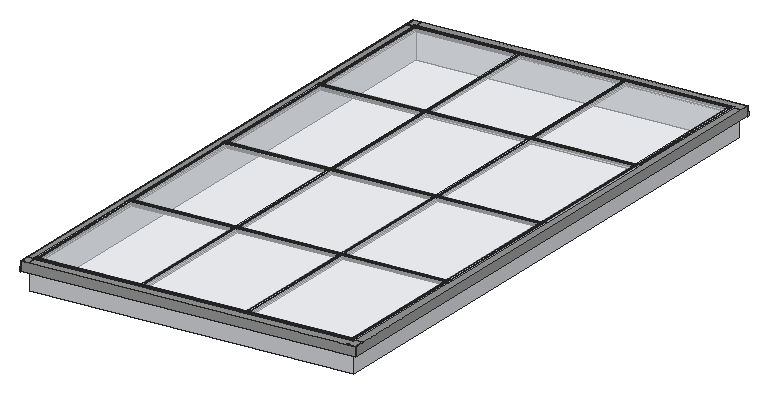
Revit family "Pultdach_oG_geneigtesDach", category Windows, host Roof, Revit 2019
Family settings
  Host = Roof
  Always vertical = Yes
  Cut with Voids When Loaded = Yes
  Shared = No
  Room Calculation Point = No
Parameters
  segment quantity = roundup((inner length + 70 mm) / rd)  # 4
  segment distance = (inner length + 70 mm) / segment quantity  # 1892.5 mm
  roof inclination [instance] = 7.00°
  rd2 = max rafter distance : 1,5 m
  rd1 = max rafter distance : 1,0 m
  rd = if(max. rafter distance = rd1, 1070 mm, if(max. rafter distance = rd2, 1570 mm, 2070 mm))  # 2070 mm
  max. rafter distance = max rafter distance : 2,0 m
  length wether sheet = -(inner length + 96 mm + 86 mm)  # -7682 mm
  frame height = 400 mm
  inner length = 7500 mm
  inner width = 5000 mm
  external width = inner width + 2 mm * 96  # 5192 mm
  end wether sheet = length wether sheet + 2 mm  # -7680 mm
  construction height [instance] = tan(roof inclination) * external width + frame height  # 1037.497 mm
  begin wether sheet = -(inner length + 47 mm)  # -7547 mm
  URL = "https://www.lamilux.com/daylight-systems/products/glass-roof/glass-roof-pr60.html"
  Product data url = "https://www.bimobject.com/en/lamilux/product/lamilux_pr60"
  Product Guid = ""
  Model = "Glasdach PR60"
  Height = frame height  # 400 mm
  Homepage [instance] = "https://www.lamilux.com/daylight-systems/products/glass-roof/glass-roof-pr60.html"
  Manufacturer = "LAMILUX Heinricht Strunz GmbH"
  Glazing Material = Glas
  Frame Material = Aluminium (1)
  Width = inner width  # 5000 mm
  Edition number = 1
  Assembly Code = "B3020110"
  Analytic Construction = "<Keine Auswahl>"
  - inner length = -inner length  # -7500 mm
  - external lenght = -(inner length + 2 mm * 96)  # -7692 mm
Reference planes
  plane 1 "Mitte (Vorne/hinten)": y = 0
  plane 2 "Dach": z = 4000
  plane 3 "Mitte (Links/rechts)": x = 0
  plane 4: y = 7500
  plane 5: x = 96
  plane 6: x = 5096
Forms (mm)
  Extrusion 1, solid
    sketch origin (0, 0, 4000) x (1, 0, 0) y (0, 1, 0)
      loop
        line (96, 7500) -> (96, 0) -> (5096, 0) -> (5096, 7500) -> (96, 7500)
      loop
        line (0, 7596) -> (0, -96) -> (5192, -96) -> (5192, 7596) -> (0, 7596)
    from 152.4 to 1189.897
  Extrusion 2, void
    sketch origin (0, 0, 4000) x (1, 0, 0) y (0, 1, 0)
      loop
        line (96, 7500) -> (96, 0) -> (5096, 0) -> (5096, 7500) -> (96, 7500)
    from -947.626 to 1189.897
  Extrusion 3, void
    sketch origin (0, 0, 0) x (1, 0, 0) y (0, 0, 1)
      loop
        line (5192, 4152.4) -> (5192, 4789.897) -> (0, 4152.4) -> (5192, 4152.4)
    from -7692 <- "- external lenght" to 96
  Extrusion 4, void
    sketch origin (0, 0, 0) x (1, 0, 0) y (0, 0, 1)
      loop
        line (5192, 5189.897) -> (0, 5189.897) -> (0, 4552.4) -> (5192, 5189.897)
    from 96 to -7692 <- "- external lenght"
  Extrusion 5, solid, material "Aluminium (1)" <- "Frame Material"
    sketch origin (0, 0, 0) x (1, 0, 0) y (0, 0, 1)
      loop
        line (-89, 4437.863) -> (-87, 4437.863) -> (-87, 4586.048) -> (42.863, 4601.993) -> (42.62, 4603.978) -> (-89, 4587.818) -> (-89, 4437.863)
    from -7682 <- "length wether sheet" to 182
  Extrusion 6, solid, material "Aluminium (1)" <- "Frame Material"
    sketch origin (0, 0, 0) x (1, 0, 0) y (0, 0, 1)
      loop
        line (5281, 5096.097) -> (5281, 5247.171) -> (5140.013, 5229.86) -> (5140.257, 5227.875) -> (5279, 5244.91) -> (5279, 5096.097) -> (5281, 5096.097)
    from -7682 <- "length wether sheet" to 182
  Extrusion 7, solid, material "Aluminium (1)" <- "Frame Material"
    sketch origin (0, 0, 0) x (1, 0, 0) y (0, 0, 1)
      loop
        line (-89, 4587.818) -> (-89, 4585.803) -> (5281, 5245.156) -> (5281, 5247.171) -> (-89, 4587.818)
    from 182 to 47
  Extrusion 8, solid, material "Aluminium (1)" <- "Frame Material"
    sketch origin (0, 0, 0) x (1, 0, 0) y (0, 0, 1)
      loop
        line (-89, 4587.818) -> (-89, 4437.831) -> (5281, 5096.137) -> (5281, 5247.171) -> (-89, 4587.818)
    from 180 to 182
  Extrusion 9, solid, material "Aluminium (1)" <- "Frame Material"
    sketch origin (0, 0, 0) x (1, 0, 0) y (0, 0, 1)
      loop
        line (5281, 5247.171) -> (-89, 4587.818) -> (-89, 4585.803) -> (5281, 5245.156) -> (5281, 5247.171)
    from -7682 <- "length wether sheet" to -7547 <- "begin wether sheet"
  Extrusion 10, solid, material "Aluminium (1)" <- "Frame Material"
    sketch origin (0, 0, 0) x (1, 0, 0) y (0, 0, 1)
      loop
        line (5281, 5247.171) -> (-89, 4587.818) -> (-89, 4437.831) -> (5281, 5096.137) -> (5281, 5247.171)
    from -7680 <- "end wether sheet" to -7682 <- "length wether sheet"
Cuts and joins
  Extrusion 2, Extrusion 3, Extrusion 4 cuts Extrusion 1
  joined: Extrusion 7, Extrusion 8
  joined: Extrusion 9, Extrusion 10
Dimensions and locks
  equal spacing: host sketch curve, plane 3 "Mitte (Links/rechts)", host sketch curve
  equal spacing: host sketch curve, plane 1 "Mitte (Vorne/hinten)", host sketch curve
  "inner length": plane 1 "Mitte (Vorne/hinten)" to plane 4
  locked: plane 5 to plane 3 "Mitte (Links/rechts)" at 96
  "inner width": plane 5 to plane 6
  "construction height": Extrusion 1 to host roof
  locked: Extrusion 5 sketch curve to cut or joined group of Extrusion 1, Extrusion 2, Extrusion 3, Extrusion 4 at 46
  locked: Extrusion 6 sketch curve to cut or joined group of Extrusion 1, Extrusion 2, Extrusion 3, Extrusion 4 at 46
  locked: Extrusion 7 sketch curve to cut or joined group of Extrusion 1, Extrusion 2, Extrusion 3, Extrusion 4 at 46
  locked: Extrusion 5 sketch curve to Extrusion 5 sketch curve at 2
  locked: Extrusion 7 sketch curve to Extrusion 7 sketch curve at 2
  locked: Extrusion 9 sketch curve to Extrusion 9 sketch curve at 2
  locked: cut or joined group of Extrusion 1, Extrusion 2, Extrusion 3, Extrusion 4 to Extrusion 9 sketch curve at 46
  "roof inclination": angle Extrusion 3 sketch curve to Extrusion 3 sketch curve
  "roof inclination": angle Extrusion 4 sketch curve to Extrusion 4 sketch curve
  aligned and locked: level to plane 2 "Dach"
  aligned and locked: Extrusion 1 sketch curve to plane 5
  aligned and locked: Extrusion 1 sketch curve to plane 1 "Mitte (Vorne/hinten)"
  aligned and locked: Extrusion 1 sketch curve to plane 6
  aligned and locked: Extrusion 1 sketch curve to plane 4
  aligned and locked: Extrusion 1 to host roof
  aligned and locked: Extrusion 2 sketch curve to plane 4
  aligned and locked: Extrusion 2 sketch curve to plane 5
  aligned and locked: Extrusion 2 sketch curve to plane 6
  aligned and locked: Extrusion 2 sketch curve to plane 1 "Mitte (Vorne/hinten)"
  aligned and locked: Extrusion 1 to Extrusion 2
  aligned and locked: Extrusion 3 sketch curve to cut or joined group of Extrusion 1, Extrusion 2, Extrusion 3, Extrusion 4  (x2)
  aligned and locked: cut or joined group of Extrusion 1, Extrusion 2, Extrusion 3, Extrusion 4 to Extrusion 3 sketch curve
  aligned and locked: cut or joined group of Extrusion 1, Extrusion 2, Extrusion 3, Extrusion 4 to Extrusion 4 sketch curve  (x2)
  aligned and locked: Extrusion 4 sketch curve to plane 3 "Mitte (Links/rechts)"
  aligned and locked: cut or joined group of Extrusion 1, Extrusion 2, Extrusion 3, Extrusion 4 to nested 1
  aligned and locked: Extrusion 6 to Extrusion 7 sketch curve
  aligned and locked: Extrusion 6 sketch curve to Extrusion 5
  aligned and locked: Extrusion 8 sketch curve to Extrusion 5
  aligned and locked: Extrusion 6 to Extrusion 8 sketch curve
  aligned and locked: Extrusion 10 sketch curve to Extrusion 9
  aligned and locked: Extrusion 10 sketch curve to Extrusion 8
Automatic sketch dimensions
  Extrusion 1 sketch curve to plane 6 = 96 mm
  plane 1 "Mitte (Vorne/hinten)" to Extrusion 1 sketch curve = 96 mm
  plane 4 to Extrusion 1 sketch curve = 96 mm
  plane 5 to Extrusion 1 sketch curve = 96 mm
  Extrusion 5 sketch curve to plane 3 "Mitte (Links/rechts)" = 89 mm
  Extrusion 5 sketch curve to Extrusion 5 sketch curve = 2 mm
  plane 3 "Mitte (Links/rechts)" to Extrusion 5 sketch curve = 42.62 mm
  Extrusion 5 sketch curve to Extrusion 5 sketch curve = 148.185 mm
  Extrusion 6 sketch curve to plane 6 = 183 mm
  Extrusion 6 sketch curve to Extrusion 6 sketch curve = 2 mm
  Extrusion 6 sketch curve to Extrusion 6 sketch curve = 148.813 mm
  Extrusion 6 sketch curve to plane 6 = 44.257 mm
  Extrusion 7 sketch curve to plane 3 "Mitte (Links/rechts)" = 89 mm
  Extrusion 8 sketch curve to Extrusion 8 sketch curve = 151.034 mm
  Extrusion 8 sketch curve to plane 3 "Mitte (Links/rechts)" = 89 mm
  Extrusion 8 sketch curve to Extrusion 8 sketch curve = 149.986 mm
  Extrusion 9 sketch curve to plane 3 "Mitte (Links/rechts)" = 89 mm
  Extrusion 9 sketch curve to plane 6 = 185 mm
  Extrusion 10 sketch curve to plane 3 "Mitte (Links/rechts)" = 89 mm
  Extrusion 10 sketch curve to Extrusion 10 sketch curve = 151.034 mm
Nested families
  nested 1: "VerglFlaeche" at (5096.35, 0, 5178.153) x (-0.9925, 0, -0.1219) z (-0.1219, 0, 0.9925), type "Pfosten_Riegel_Kombi"
    with roof inclination 7.00°
Definition of nested family "VerglFlaeche"
  Parameters (values of type "VerglFlaeche")
    segment quantity = 4
    segment distance = 1892.5 mm
    roof inclination = 5.00°
    rd = 2070 mm
    inner width = 5000 mm
    inner length = 3500 mm
    Default Elevation = 1219.2 mm
  Reference planes
    plane 1 "Mitte (Vorne/hinten)": y = 0
    plane 2: z = 0
    plane 3 "Mitte (Links/rechts)": x = 0
    plane 4: y = -857.502
    plane 5: y = -2750.002
    plane 6: y = -4642.502
    plane 7: y = -6535.002
  Dimensions and locks
    locked: plane 1 "Mitte (Vorne/hinten)" to nested 1 at 5
    equal spacing: group 1, group 2, group 3, group 4  (x2)
    equal spacing: group 4, group 3, group 2, group 1
    "segment distance": plane 5 to plane 4
    aligned and locked: level to plane 2
  Nested families
    nested 1: "Einzelfeld" at (0, -1822.5, 0) x (-1, 0, 0) z (0, 0, 1), type "Glaskonstruktion_Test"
    nested 2: "Einzelfeld" at (0, -3715, 0) x (-1, 0, 0) z (0, 0, 1), type "Glaskonstruktion_Test"
    nested 3: "Einzelfeld" at (0, -5607.5, 0) x (-1, 0, 0) z (0, 0, 1), type "Glaskonstruktion_Test"
    nested 4: "Einzelfeld" at (0, -7500, 0) x (-1, 0, 0) z (0, 0, 1), type "Glaskonstruktion_Test"
  Definition of nested family "Einzelfeld"
    Parameters (values of type "Einzelfeld")
      segment quantity = 6
      roof inclination = 5.00°
      rd = 2070 mm
      rafter length = -(construction width + 65 mm)  # -5084.099 mm
      rafter distance = 1892.5 mm
      mullion quantity = roundup((construction width + 70 mm) / md) + 1  # 4
      mullion lenght = -(rafter distance - 90 mm)  # -1802.5 mm
      mullion distance = (construction width + 70 mm) / (mullion quantity - 1)  # 1696.366 mm
      md = if(rd = 1070 mm, 3070 mm, if(rd = 1570 mm, 2570 mm, 2070 mm))  # 2070 mm
      inner width = 5000 mm
      construction width = inner width / cos(roof inclination)  # 5019.099 mm
      Default Elevation = 1219.2 mm
    Reference planes
      plane 1 "Mitte (Vorne/hinten)": y = 0
      plane 2: z = 0
      plane 3 "Mitte (Links/rechts)": x = 0
      plane 4: x = -5019.099
      plane 5: y = 34.998
      plane 6 "Riegel": y = -10
      plane 7: x = 35
      plane 8: x = -35
      plane 9: y = -1857.502
      plane 10: x = -1661.366
      plane 11: x = -3357.733
      plane 12: x = -5054.099
    Forms (mm)
      Extrusion 1, solid
        sketch origin (0, 70, 0) x (0, 1, 0) y (0, 0, 1)
          loop
            line (-65, 0) -> (-5, 0) -> (-5, 16) -> (-21, 16) -> (-21, 46) -> (-5, 46) -> (-5, 52) -> (-19.489, 55.882) -> (-19.489, 57.882) -> (-23.492, 57.882) -> (-23.492, 56.882) -> (-46.511, 56.882) -> (-46.511, 57.882) -> (-50.511, 57.882) -> (-50.511, 55.882) -> (-65, 52) -> (-65, 46) -> (-49, 46) -> (-49, 16) -> (-65, 16) -> (-65, 0)
        from 65 to -5084.099 <- "rafter length"
      Extrusion 2, solid
        sketch origin (70, -10, 0) x (-1, 0, 0) y (0, 0, 1)
          loop
            line (65, 0) -> (65, 16) -> (49, 16) -> (49, 46) -> (65, 46) -> (65, 52) -> (50.511, 55.882) -> (50.511, 57.698) -> (46.511, 57.698) -> (46.511, 56.698) -> (23.489, 56.698) -> (23.489, 57.882) -> (19.489, 57.882) -> (19.489, 55.882) -> (5, 52) -> (5, 46) -> (21, 46) -> (21, 16) -> (5, 16) -> (5, 0) -> (65, 0)
        from 0 to -1802.5 <- "mullion lenght"
      Extrusion 3, solid, not visible
        sketch origin (0, -10, 0) x (-1, 0, 0) y (0, 0, 1)
          loop
            line (65, 0) -> (65, 16) -> (49, 16) -> (49, 46) -> (65, 46) -> (65, 52) -> (50.511, 55.882) -> (50.511, 57.698) -> (46.511, 57.698) -> (46.511, 56.698) -> (23.489, 56.698) -> (23.489, 57.882) -> (19.489, 57.882) -> (19.489, 55.882) -> (5, 52) -> (5, 46) -> (21, 46) -> (21, 16) -> (5, 16) -> (5, 0) -> (65, 0)
        from 0 to -1802.5 <- "mullion lenght"
      Extrusion 4, solid
        sketch origin (0, -1822.5, 0) x (0, 1, 0) y (0, 0, 1)
          loop
            line (-65, 0) -> (-5, 0) -> (-5, 16) -> (-21, 16) -> (-21, 46) -> (-5, 46) -> (-5, 52) -> (-19.489, 55.882) -> (-19.489, 57.882) -> (-23.492, 57.882) -> (-23.492, 56.882) -> (-46.511, 56.882) -> (-46.511, 57.882) -> (-50.511, 57.882) -> (-50.511, 55.882) -> (-65, 52) -> (-65, 46) -> (-49, 46) -> (-49, 16) -> (-65, 16) -> (-65, 0)
        from 65 to -5084.099 <- "rafter length"
      Extrusion 5, solid
        sketch origin (-1626.366, -10, 0) x (-1, 0, 0) y (0, 0, 1)
          loop
            line (65, 0) -> (65, 16) -> (49, 16) -> (49, 46) -> (65, 46) -> (65, 52) -> (50.511, 55.882) -> (50.511, 57.698) -> (46.511, 57.698) -> (46.511, 56.698) -> (23.489, 56.698) -> (23.489, 57.882) -> (19.489, 57.882) -> (19.489, 55.882) -> (5, 52) -> (5, 46) -> (21, 46) -> (21, 16) -> (5, 16) -> (5, 0) -> (65, 0)
        from 0 to -1802.5 <- "mullion lenght"
      Extrusion 6, solid
        sketch origin (-3322.733, -10, 0) x (-1, 0, 0) y (0, 0, 1)
          loop
            line (65, 0) -> (65, 16) -> (49, 16) -> (49, 46) -> (65, 46) -> (65, 52) -> (50.511, 55.882) -> (50.511, 57.698) -> (46.511, 57.698) -> (46.511, 56.698) -> (23.489, 56.698) -> (23.489, 57.882) -> (19.489, 57.882) -> (19.489, 55.882) -> (5, 52) -> (5, 46) -> (21, 46) -> (21, 16) -> (5, 16) -> (5, 0) -> (65, 0)
        from 0 to -1802.5 <- "mullion lenght"
      Extrusion 7, solid, not visible
        sketch origin (0, -10, 0) x (-1, 0, 0) y (0, 0, 1)
          loop
            line (0, 0) -> (-5, 0) -> (-5, -57.15) -> (0, 0)
        from 0 to 10
      Extrusion 8, solid
        sketch origin (0, 0, 0) x (1, 0, 0) y (0, 1, 0)
          loop
            line (-5038.099, 18.998) -> (-5038.099, -1841.502) -> (19, -1841.502) -> (19, 18.998) -> (-5038.099, 18.998)
        from 16 to 46
      Extrusion 9, solid
        sketch origin (-5019.099, -10, 0) x (-1, 0, 0) y (0, 0, 1)
          loop
            line (65, 0) -> (65, 16) -> (49, 16) -> (49, 46) -> (65, 46) -> (65, 52) -> (50.511, 55.882) -> (50.511, 57.698) -> (46.511, 57.698) -> (46.511, 56.698) -> (23.489, 56.698) -> (23.489, 57.882) -> (19.489, 57.882) -> (19.489, 55.882) -> (5, 52) -> (5, 46) -> (21, 46) -> (21, 16) -> (5, 16) -> (5, 0) -> (65, 0)
        from 0 to -1802.5 <- "mullion lenght"
    Dimensions and locks
      group 2 to group 3 = 0 mm  (x2)
      group 3 to group 2 = 1892.5 mm
      "rafter distance": plane 9 to plane 5
      locked: plane 6 "Riegel" to plane 1 "Mitte (Vorne/hinten)" at 10
      equal spacing: group 7, group 6, group 5, group 4
      equal spacing: group 4, group 5, group 6, group 7  (x2)
      "construction width": plane 4 to plane 3 "Mitte (Links/rechts)"
      locked: plane 7 to plane 3 "Mitte (Links/rechts)" at 35
      "mullion distance": plane 7 to plane 10
      Extrusion 8 sketch curve to plane 9 = 16 mm
      Extrusion 8 sketch curve to plane 11 = 1680.366 mm
      Extrusion 8 sketch curve to plane 5 = 16 mm
      Extrusion 8 sketch curve to plane 7 = 16 mm
      locked: Extrusion 8 sketch curve to plane 4 at 19
      "roof inclination": angle Extrusion 7 sketch curve to plane 3 "Mitte (Links/rechts)"
      aligned and locked: level to plane 2
      aligned and locked: Extrusion 7 sketch curve to Extrusion 1
      aligned and locked: plane 3 "Mitte (Links/rechts)" to Extrusion 7 sketch curve
      aligned and locked: Extrusion 7 sketch curve to Extrusion 2
    Automatic sketch dimensions
      Extrusion 1 sketch curve to Extrusion 1 sketch curve = 0 mm  (x2)
      Extrusion 1 sketch curve to Extrusion 1 sketch curve = 14.489 mm
      Extrusion 1 sketch curve to Extrusion 1 sketch curve = 1.511 mm
      Extrusion 1 sketch curve to Extrusion 1 sketch curve = 4 mm
      Extrusion 1 sketch curve to Extrusion 1 sketch curve = 23.019 mm
      Extrusion 1 sketch curve to Extrusion 1 sketch curve = 4.003 mm
      Extrusion 1 sketch curve to Extrusion 1 sketch curve = 30 mm
      Extrusion 1 sketch curve to Extrusion 1 sketch curve = 6 mm  (x2)
      Extrusion 1 sketch curve to Extrusion 1 sketch curve = 9.882 mm  (x2)
      Extrusion 1 sketch curve to Extrusion 1 sketch curve = 2 mm  (x2)
      Extrusion 1 sketch curve to Extrusion 1 sketch curve = 1 mm
      Extrusion 1 sketch curve to plane 5 = 29.998 mm
      plane 5 to Extrusion 1 sketch curve = 14.002 mm
      Extrusion 1 sketch curve to Extrusion 1 sketch curve = 16 mm  (x4)
      Extrusion 4 sketch curve to Extrusion 4 sketch curve = 0 mm  (x2)
      Extrusion 4 sketch curve to Extrusion 4 sketch curve = 14.489 mm
      Extrusion 4 sketch curve to Extrusion 4 sketch curve = 1.511 mm
      Extrusion 4 sketch curve to Extrusion 4 sketch curve = 4 mm
      Extrusion 4 sketch curve to Extrusion 4 sketch curve = 23.019 mm
      Extrusion 4 sketch curve to Extrusion 4 sketch curve = 4.003 mm
      Extrusion 4 sketch curve to Extrusion 4 sketch curve = 30 mm
      Extrusion 4 sketch curve to Extrusion 4 sketch curve = 6 mm  (x2)
      Extrusion 4 sketch curve to Extrusion 4 sketch curve = 9.882 mm  (x2)
      Extrusion 4 sketch curve to Extrusion 4 sketch curve = 2 mm  (x2)
      Extrusion 4 sketch curve to Extrusion 4 sketch curve = 1 mm
      Extrusion 4 sketch curve to plane 9 = 29.998 mm
      plane 9 to Extrusion 4 sketch curve = 14.002 mm
      Extrusion 4 sketch curve to Extrusion 4 sketch curve = 16 mm  (x4)
      plane 7 to Extrusion 2 sketch curve = 30 mm
      Extrusion 2 sketch curve to Extrusion 2 sketch curve = 0 mm
      Extrusion 2 sketch curve to Extrusion 2 sketch curve = 14.489 mm
      Extrusion 2 sketch curve to Extrusion 2 sketch curve = 1.511 mm
      Extrusion 2 sketch curve to Extrusion 2 sketch curve = 4 mm  (x2)
      Extrusion 2 sketch curve to plane 7 = 11.511 mm
      Extrusion 2 sketch curve to Extrusion 2 sketch curve = 2.489 mm
      Extrusion 2 sketch curve to Extrusion 2 sketch curve = 16 mm  (x4)
      Extrusion 2 sketch curve to Extrusion 2 sketch curve = 30 mm  (x2)
      Extrusion 2 sketch curve to Extrusion 2 sketch curve = 6 mm  (x2)
      Extrusion 2 sketch curve to Extrusion 2 sketch curve = 9.882 mm  (x2)
      Extrusion 2 sketch curve to Extrusion 2 sketch curve = 0.816 mm
      Extrusion 2 sketch curve to Extrusion 2 sketch curve = 1.816 mm
      Extrusion 2 sketch curve to Extrusion 2 sketch curve = 2 mm
      plane 8 to Extrusion 3 sketch curve = 30 mm
      Extrusion 3 sketch curve to Extrusion 3 sketch curve = 0 mm
      Extrusion 3 sketch curve to Extrusion 3 sketch curve = 14.489 mm
      Extrusion 3 sketch curve to Extrusion 3 sketch curve = 1.511 mm
      Extrusion 3 sketch curve to Extrusion 3 sketch curve = 4 mm  (x2)
      Extrusion 3 sketch curve to plane 8 = 11.511 mm
      Extrusion 3 sketch curve to Extrusion 3 sketch curve = 2.489 mm
      Extrusion 3 sketch curve to Extrusion 3 sketch curve = 16 mm  (x4)
      Extrusion 3 sketch curve to Extrusion 3 sketch curve = 30 mm  (x2)
      Extrusion 3 sketch curve to Extrusion 3 sketch curve = 6 mm  (x2)
      Extrusion 3 sketch curve to Extrusion 3 sketch curve = 9.882 mm  (x2)
      Extrusion 3 sketch curve to Extrusion 3 sketch curve = 0.816 mm
      Extrusion 3 sketch curve to Extrusion 3 sketch curve = 1.816 mm
      Extrusion 3 sketch curve to Extrusion 3 sketch curve = 2 mm
      plane 10 to Extrusion 5 sketch curve = 30 mm
      Extrusion 5 sketch curve to Extrusion 5 sketch curve = 0 mm
      Extrusion 5 sketch curve to Extrusion 5 sketch curve = 14.489 mm
      Extrusion 5 sketch curve to Extrusion 5 sketch curve = 1.511 mm
      Extrusion 5 sketch curve to Extrusion 5 sketch curve = 4 mm  (x2)
      Extrusion 5 sketch curve to plane 10 = 11.511 mm
      Extrusion 5 sketch curve to Extrusion 5 sketch curve = 2.489 mm
      Extrusion 5 sketch curve to Extrusion 5 sketch curve = 16 mm  (x4)
      Extrusion 5 sketch curve to Extrusion 5 sketch curve = 30 mm  (x2)
      Extrusion 5 sketch curve to Extrusion 5 sketch curve = 6 mm  (x2)
      Extrusion 5 sketch curve to Extrusion 5 sketch curve = 9.882 mm  (x2)
      Extrusion 5 sketch curve to Extrusion 5 sketch curve = 0.816 mm
      Extrusion 5 sketch curve to Extrusion 5 sketch curve = 1.816 mm
      Extrusion 5 sketch curve to Extrusion 5 sketch curve = 2 mm
      plane 11 to Extrusion 6 sketch curve = 30 mm
      Extrusion 6 sketch curve to Extrusion 6 sketch curve = 0 mm
      Extrusion 6 sketch curve to Extrusion 6 sketch curve = 14.489 mm
      Extrusion 6 sketch curve to Extrusion 6 sketch curve = 1.511 mm
      Extrusion 6 sketch curve to Extrusion 6 sketch curve = 4 mm  (x2)
      Extrusion 6 sketch curve to plane 11 = 11.511 mm
      Extrusion 6 sketch curve to Extrusion 6 sketch curve = 2.489 mm
      Extrusion 6 sketch curve to Extrusion 6 sketch curve = 16 mm  (x4)
      Extrusion 6 sketch curve to Extrusion 6 sketch curve = 30 mm  (x2)
      Extrusion 6 sketch curve to Extrusion 6 sketch curve = 6 mm  (x2)
      Extrusion 6 sketch curve to Extrusion 6 sketch curve = 9.882 mm  (x2)
      Extrusion 6 sketch curve to Extrusion 6 sketch curve = 0.816 mm
      Extrusion 6 sketch curve to Extrusion 6 sketch curve = 1.816 mm
      Extrusion 6 sketch curve to Extrusion 6 sketch curve = 2 mm
      plane 12 to Extrusion 9 sketch curve = 30 mm
      Extrusion 9 sketch curve to Extrusion 9 sketch curve = 0 mm
      Extrusion 9 sketch curve to Extrusion 9 sketch curve = 14.489 mm
      Extrusion 9 sketch curve to Extrusion 9 sketch curve = 1.511 mm
      Extrusion 9 sketch curve to Extrusion 9 sketch curve = 4 mm  (x2)
      Extrusion 9 sketch curve to plane 12 = 11.511 mm
      Extrusion 9 sketch curve to Extrusion 9 sketch curve = 2.489 mm
      Extrusion 9 sketch curve to Extrusion 9 sketch curve = 16 mm  (x4)
      Extrusion 9 sketch curve to Extrusion 9 sketch curve = 30 mm  (x2)
      Extrusion 9 sketch curve to Extrusion 9 sketch curve = 6 mm  (x2)
      Extrusion 9 sketch curve to Extrusion 9 sketch curve = 9.882 mm  (x2)
      Extrusion 9 sketch curve to Extrusion 9 sketch curve = 0.816 mm
      Extrusion 9 sketch curve to Extrusion 9 sketch curve = 1.816 mm
      Extrusion 9 sketch curve to Extrusion 9 sketch curve = 2 mm
